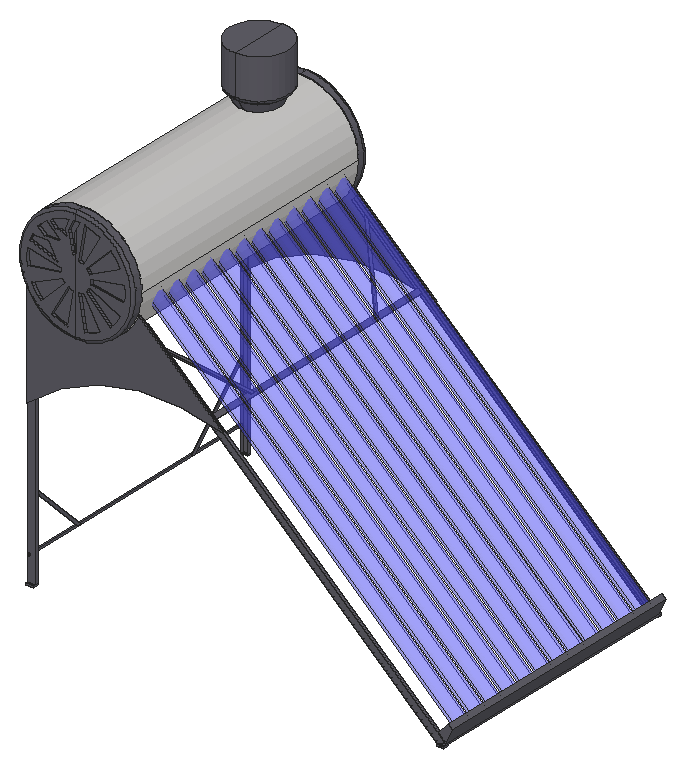
Revit family (continued)
Automatic sketch dimensions
  plane 11 to Extrusion 30 sketch curve = 7.166 mm
  plane 11 to Extrusion 30 sketch curve = 7.693 mm
  plane 11 to Extrusion 30 sketch curve = 10.419 mm
  plane 11 to Extrusion 30 sketch curve = 10.974 mm
  Extrusion 30 sketch curve to Extrusion 30 sketch curve = 7.433 mm
  Extrusion 30 sketch curve to Extrusion 30 sketch curve = 13.499 mm
  Extrusion 30 sketch curve to Extrusion 30 sketch curve = 23.164 mm
  plane 11 to Extrusion 30 sketch curve = 34.73 mm
  Extrusion 30 sketch curve to Extrusion 30 sketch curve = 6.178 mm
  Extrusion 30 sketch curve to Extrusion 30 sketch curve = 12.759 mm
  Extrusion 30 sketch curve to Extrusion 30 sketch curve = 21.757 mm
  Extrusion 30 sketch curve to Extrusion 30 sketch curve = 0.597 mm
  Extrusion 30 sketch curve to Extrusion 30 sketch curve = 8.911 mm
  Extrusion 30 sketch curve to Extrusion 30 sketch curve = 16.091 mm
  Extrusion 30 sketch curve to Extrusion 30 sketch curve = 23.347 mm
  Extrusion 30 sketch curve to plane 6 "Top" = 48.205 mm
  Extrusion 30 sketch curve to Extrusion 30 sketch curve = 26.745 mm
  Extrusion 30 sketch curve to Extrusion 30 sketch curve = 45.946 mm
  Extrusion 30 sketch curve to Extrusion 30 sketch curve = 9.554 mm
  Extrusion 30 sketch curve to Extrusion 30 sketch curve = 12.712 mm
  Extrusion 30 sketch curve to Extrusion 30 sketch curve = 29.596 mm
  Extrusion 30 sketch curve to Extrusion 30 sketch curve = 22.359 mm
  Extrusion 30 sketch curve to Extrusion 30 sketch curve = 11.315 mm
  plane 3 "Center (Left/Right)" to Extrusion 30 sketch curve = 38.038 mm
  Extrusion 30 sketch curve to Extrusion 30 sketch curve = 7.858 mm
  Extrusion 30 sketch curve to Extrusion 30 sketch curve = 59.088 mm
  Extrusion 30 sketch curve to Extrusion 30 sketch curve = 9.535 mm  (x3)
  Extrusion 30 sketch curve to Extrusion 30 sketch curve = 49.794 mm  (x3)
  Extrusion 30 sketch curve to Extrusion 30 sketch curve = 14.938 mm  (x3)
  Extrusion 30 sketch curve to Extrusion 30 sketch curve = 17.775 mm
  Extrusion 30 sketch curve to Extrusion 30 sketch curve = 30.384 mm
  Extrusion 30 sketch curve to Extrusion 30 sketch curve = 20.429 mm
  Extrusion 30 sketch curve to Extrusion 30 sketch curve = 2.133 mm
  Extrusion 30 sketch curve to Extrusion 30 sketch curve = 0.608 mm
  Extrusion 30 sketch curve to Extrusion 30 sketch curve = 10.294 mm
  Extrusion 30 sketch curve to Extrusion 30 sketch curve = 23.966 mm
  Extrusion 30 sketch curve to Extrusion 30 sketch curve = 31.573 mm
  Extrusion 30 sketch curve to Extrusion 30 sketch curve = 17.861 mm
  Extrusion 30 sketch curve to Extrusion 30 sketch curve = 5.767 mm
  Extrusion 30 sketch curve to Extrusion 30 sketch curve = 0.429 mm
  Extrusion 30 sketch curve to Extrusion 30 sketch curve = 6.558 mm
  Extrusion 30 sketch curve to Extrusion 30 sketch curve = 31.784 mm
  Extrusion 30 sketch curve to Extrusion 30 sketch curve = 2.002 mm
  plane 11 to Extrusion 31 sketch curve = 0 mm  (x2)
  Extrusion 31 sketch curve to Extrusion 31 sketch curve = 0.597 mm
  Extrusion 31 sketch curve to Extrusion 31 sketch curve = 4.71 mm
  plane 11 to Extrusion 31 sketch curve = 7.166 mm
  Extrusion 31 sketch curve to Extrusion 31 sketch curve = 6.178 mm
  Extrusion 31 sketch curve to Extrusion 31 sketch curve = 14.436 mm
  Extrusion 31 sketch curve to Extrusion 31 sketch curve = 8.003 mm
